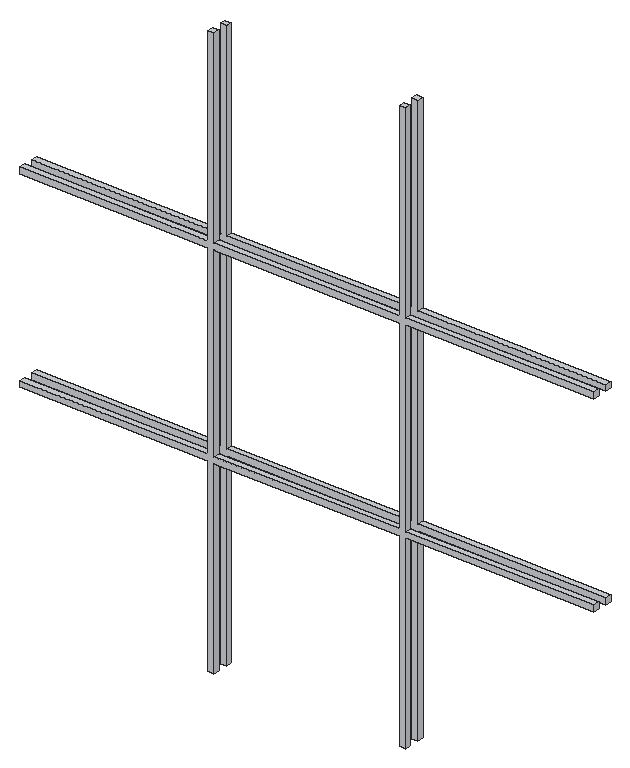
Revit family "M_Padrão do montante_3x3", category Modelos genéricos, Revit 2019
Family settings
  Pode hospedar o vergalhão = Não
  Cota do conector redondo = Utilizar diâmetro
  Tipo de parte = Normal
  Com base no plano de trabalho = Não
  Sempre na vertical = Sim
  Corte com vazios quando carregada = Não
  Compartilhado = Sim
  Ponto de cálculo do ambiente = Não
Parameters
  Largura [instance] = 1200 mm
  Espessura = 12.7 mm
  Altura [instance] = 1200 mm
  Material interior [instance] = none
  Material externo [instance] = none
  Distância = 19.05 mm
Reference planes
  plane 1 "Centro (Frente/Trás)": y = 0
  plane 2: z = 0
  plane 3 "Centro (Esquerda/Direita)": x = 0
  plane 4: z = 1200
  plane 5: x = -600
  plane 6: x = 600
  plane 7: z = 600
  plane 8 "a": y = 9.525
  plane 9 "b": y = -9.525
  plane 10: z = 800
  plane 11: z = 400
  plane 12: z = 806.35
  plane 13: z = 793.65
  plane 14: z = 406.35
  plane 15: z = 393.65
  plane 16: x = -200
  plane 17: x = 200
  plane 18: x = -206.35
  plane 19: x = -193.65
  plane 20: x = 193.65
  plane 21: x = 206.35
  plane 22: y = 22.225
  plane 23: y = -22.225
Forms (mm)
  Extrusion 1, solid, material <- "Material externo", detail levels fine
    sketch origin (0, 9.525, 0) x (-1, 0, 0) y (0, 0, 1)
      loop
        line (600, 806.35) -> (206.35, 806.35) -> (206.35, 1200) -> (193.65, 1200) -> (193.65, 806.35) -> (-193.65, 806.35) -> (-193.65, 1200) -> (-206.35, 1200) -> (-206.35, 806.35) -> (-600, 806.35) -> (-600, 793.65) -> (-206.35, 793.65) -> (-206.35, 406.35) -> (-600, 406.35) -> (-600, 393.65) -> (-206.35, 393.65) -> (-206.35, 0) -> (-193.65, 0) -> (-193.65, 393.65) -> (193.65, 393.65) -> (193.65, 0) -> (206.35, 0) -> (206.35, 393.65) -> (600, 393.65) -> (600, 406.35) -> (206.35, 406.35) -> (206.35, 793.65) -> (600, 793.65) -> (600, 806.35)
      loop
        line (193.65, 793.65) -> (-193.65, 793.65) -> (-193.65, 406.35) -> (193.65, 406.35) -> (193.65, 793.65)
    from 0 to 12.7
  Extrusion 2, solid, material <- "Material interior", detail levels fine
    sketch origin (0, -9.525, 0) x (-1, 0, 0) y (0, 0, 1)
      loop
        line (600, 806.35) -> (206.35, 806.35) -> (206.35, 1200) -> (193.65, 1200) -> (193.65, 806.35) -> (-193.65, 806.35) -> (-193.65, 1200) -> (-206.35, 1200) -> (-206.35, 806.35) -> (-600, 806.35) -> (-600, 793.65) -> (-206.35, 793.65) -> (-206.35, 406.35) -> (-600, 406.35) -> (-600, 393.65) -> (-206.35, 393.65) -> (-206.35, 0) -> (-193.65, 0) -> (-193.65, 393.65) -> (193.65, 393.65) -> (193.65, 0) -> (206.35, 0) -> (206.35, 393.65) -> (600, 393.65) -> (600, 406.35) -> (206.35, 406.35) -> (206.35, 793.65) -> (600, 793.65) -> (600, 806.35)
      loop
        line (193.65, 793.65) -> (-193.65, 793.65) -> (-193.65, 406.35) -> (193.65, 406.35) -> (193.65, 793.65)
    from -12.7 to 0
Lines and regions (mm)
  model lines, detail levels medium
    curve 1: line (600, 9.525, 800) -> (-600, 9.525, 800)
    curve 2: line (600, 9.525, 400) -> (-600, 9.525, 400)
    curve 3: line (200, 9.525, 0) -> (200, 9.525, 1200)
    curve 4: line (-200, 9.525, 0) -> (-200, 9.525, 1200)
    curve 5: line (-600, -9.525, 800) -> (600, -9.525, 800)
    curve 6: line (-600, -9.525, 400) -> (600, -9.525, 400)
    curve 7: line (-200, -9.525, 1200) -> (-200, -9.525, 0)
    curve 8: line (200, -9.525, 1200) -> (200, -9.525, 0)
Dimensions and locks
  equal spacing: plane 6, plane 3 "Centro (Esquerda/Direita)", plane 5
  "Largura": plane 6 to plane 5
  "Altura": plane 4 to plane 2
  equal spacing: plane 4, plane 7, plane 2
  equal spacing: plane 8 "a", plane 1 "Centro (Frente/Trás)", plane 9 "b"
  "Distância": plane 8 "a" to plane 9 "b"
  equal spacing: plane 4, plane 10, plane 11, plane 2
  locked: plane 16 to plane 18 at 6.35
  locked: plane 19 to plane 16 at 6.35
  locked: plane 17 to plane 20 at 6.35
  locked: plane 21 to plane 17 at 6.35
  equal spacing: plane 6, plane 17, plane 16, plane 5
  locked: plane 12 to plane 10 at 6.35
  locked: plane 10 to plane 13 at 6.35
  locked: plane 14 to plane 11 at 6.35
  locked: plane 11 to plane 15 at 6.35
  "Espessura": plane 22 to plane 8 "a"
  "Espessura": plane 9 "b" to plane 23
  aligned and locked: plane 2 to level
  aligned and locked: Extrusion 1 sketch curve to plane 12
  aligned and locked: Extrusion 1 sketch curve to plane 13
  aligned and locked: plane 5 to Extrusion 1 sketch curve  (x2)
  aligned and locked: Extrusion 1 sketch curve to plane 18
  aligned and locked: Extrusion 1 sketch curve to plane 19
  aligned and locked: plane 4 to Extrusion 1 sketch curve  (x2)
  aligned and locked: Extrusion 1 sketch curve to plane 20
  aligned and locked: Extrusion 1 sketch curve to plane 21
  aligned and locked: plane 6 to Extrusion 1 sketch curve  (x2)
  aligned and locked: plane 12 to Extrusion 1 sketch curve  (x2)
  aligned and locked: plane 13 to Extrusion 1 sketch curve  (x2)
  aligned and locked: plane 21 to Extrusion 1 sketch curve  (x2)
  aligned and locked: plane 18 to Extrusion 1 sketch curve  (x2)
  aligned and locked: plane 19 to Extrusion 1 sketch curve  (x2)
  aligned and locked: plane 20 to Extrusion 1 sketch curve  (x2)
  aligned and locked: Extrusion 1 sketch curve to plane 14
  aligned and locked: Extrusion 1 sketch curve to plane 15
  aligned and locked: plane 2 to Extrusion 1 sketch curve  (x2)
  aligned and locked: plane 14 to Extrusion 1 sketch curve  (x2)
  aligned and locked: plane 15 to Extrusion 1 sketch curve  (x2)
  aligned and locked: Extrusion 1 to plane 22
  aligned and locked: plane 9 "b" to Extrusion 2
  aligned and locked: Extrusion 2 to plane 23
  aligned and locked: curve 1 to plane 10
  aligned and locked: curve 2 to plane 11
  aligned and locked: curve 3 to plane 17
  aligned and locked: curve 4 to plane 16
  aligned and locked: plane 6 to curve 2
  aligned and locked: plane 6 to curve 1
  aligned and locked: plane 5 to curve 1
  aligned and locked: plane 5 to curve 2
  aligned and locked: plane 4 to curve 3
  aligned and locked: plane 4 to curve 4
  aligned and locked: plane 2 to curve 3
  aligned and locked: plane 2 to curve 4
  aligned and locked: curve 5 to plane 10
  aligned and locked: curve 6 to plane 11
  aligned and locked: curve 7 to plane 16
  aligned and locked: curve 8 to plane 17
  aligned and locked: plane 4 to curve 8
  aligned and locked: plane 4 to curve 7
  aligned and locked: plane 5 to curve 5
  aligned and locked: plane 5 to curve 6
  aligned and locked: plane 2 to curve 7
  aligned and locked: plane 2 to curve 8
  aligned and locked: plane 6 to curve 5
  aligned and locked: plane 6 to curve 6
Automatic sketch dimensions
  Extrusion 2 sketch curve to plane 6 = 0 mm  (x2)
  Extrusion 2 sketch curve to plane 15 = 0 mm  (x3)
  Extrusion 2 sketch curve to plane 21 = 0 mm  (x3)
  Extrusion 2 sketch curve to plane 14 = 0 mm  (x3)
  Extrusion 2 sketch curve to plane 4 = 0 mm  (x2)
  Extrusion 2 sketch curve to plane 13 = 0 mm  (x3)
  Extrusion 2 sketch curve to plane 20 = 0 mm  (x3)
  Extrusion 2 sketch curve to plane 12 = 0 mm  (x3)
  Extrusion 2 sketch curve to level = 0 mm  (x2)
  Extrusion 2 sketch curve to plane 19 = 0 mm  (x3)
  Extrusion 2 sketch curve to plane 18 = 0 mm  (x3)
  Extrusion 2 sketch curve to plane 5 = 0 mm  (x2)
